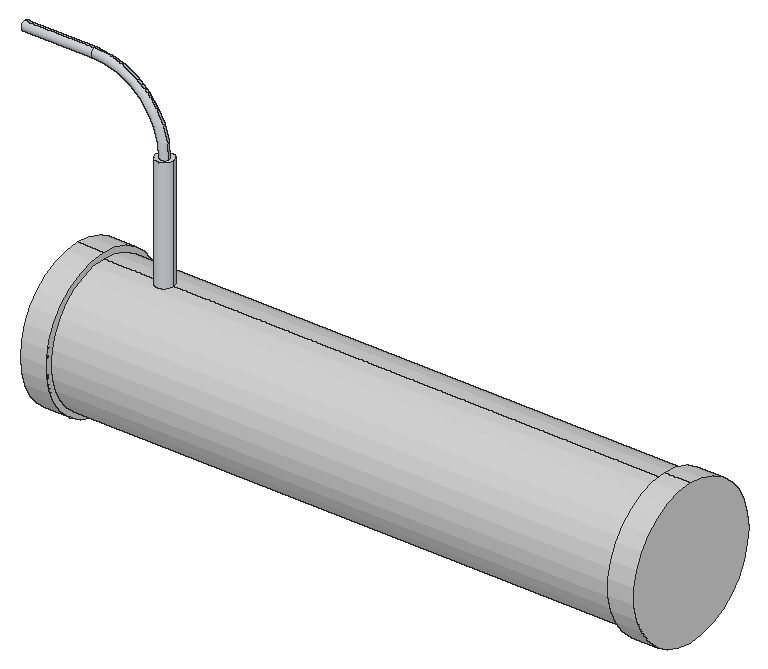
Revit family "Lagur STD", category Plumbing Fixtures, Revit 2020
Family settings
  Round Connector Dimension = Use Diameter
  Part Type = Normal
  OmniClass Number = 23.65.50.11.11.14
  OmniClass Title = Water Softeners
  Work Plane-Based = No
  Always vertical = No
  Cut with Voids When Loaded = No
  Shared = No
  Room Calculation Point = No
Parameters (values of type "DN20")
  x = (Y / 2) - 1 mm  # 37 mm
  Y = 76 mm
  X = 352 mm
  Weight = 4.07 kg
  Watt = 25 W  # constant formula
  Waste Connection = no
  Version = "1.0"
  Vent Connection = no
  Uniclass2015Version = ""
  Uniclass2015Title = ""
  Uniclass2015Description = "Water distribution and supply system"  # constant formula
  Uniclass2015Code = "Ss_55_70"  # constant formula
  URL = "https://lagur.dk/"
  UNSPSCCode = ""
  Thread = "3/4\" RG."
  Thread dimension in mm = 19.1 mm
  Revision = ""
  ProductInformation = ""
  NominalHeight = ""
  NominalDepth = ""
  Model = "Lagur Pro DN20"
  Manufacturer = "Lagur A/S"  # constant formula
  IfcExportType = ""
  IfcExportAs = ""
  IfcClassification = ""
  IP Rating = "IP54"  # constant formula
  HW Connection = no
  Default Elevation = 0 mm
  CobieTypeCategory = ""
  AuthorURL = "www.prodlib.com"
  Author = "ProdLib"  # constant formula
Types (3, lengths in mm): name | Weight | Thread | Thread dimension in mm | Model
  (no name) | 4.07 kg | "3/4\" RG." | 19.1 | "Lagur Pro DN20"
  DN20 | 4.07 kg | "3/4\" RG." | 19.1 | "Lagur Pro DN20"
  DN25 | 4.85 kg | "1\" RG." | 25.4 | "Lagur Pro DN25"
Reference planes
  plane 1 "Center (Front/Back)": y = 0
  plane 2: z = 0
  plane 3 "Center (Left/Right)": x = 0
  plane 4: x = -176
  plane 5: x = 176
  plane 6: z = 38
  plane 7: z = -38
  plane 8: x = -161
  plane 9: x = 161
  plane 10: x = -126
  plane 11: z = 37
Forms (mm)
  Extrusion 1, solid, material "Steel", detail levels medium+fine
    sketch origin (0, 0, 0) x (0, 1, 0) y (0, 0, 1)
      loop
        circle (0, 0) r 38
    from -161 to 161
  Extrusion 2, solid, material "Steel", detail levels medium+fine
    sketch origin (0, 0, 0) x (0, 1, 0) y (0, 0, 1)
      loop
        circle (0, 0) r 41
    from -176 to -161
  Extrusion 3, solid, material "Steel", detail levels medium+fine
    sketch origin (0, 0, 0) x (0, 1, 0) y (0, 0, 1)
      loop
        circle (0, 0) r 41
    from 161 to 176
  Extrusion 4, solid, material "Steel", detail levels coarse
    sketch origin (0, 0, 0) x (0, 1, 0) y (0, 0, 1)
      loop
        circle (0, 0) r 38
    from -176 to 176
Cuts and joins
  joined: Extrusion 1, Extrusion 2, Extrusion 3
Dimensions and locks
  equal spacing: plane 4, plane 3 "Center (Left/Right)", plane 5
  "X": plane 4 to plane 5
  equal spacing: plane 6, level, plane 7
  "Y": plane 6 to plane 7
  locked: Extrusion 2 sketch curve to Extrusion 1 at 3  (x2)
  locked: plane 4 to plane 8 at 15
  locked: plane 9 to plane 5 at 15
  locked: plane 4 to plane 10 at 50
  "x": plane 11 to level
  aligned and locked: level to plane 2
  aligned and locked: plane 1 "Center (Front/Back)" to Extrusion 1 sketch curve  (x2)
  aligned and locked: plane 6 to Extrusion 1 sketch curve
  aligned and locked: plane 7 to Extrusion 1 sketch curve
  aligned and locked: Extrusion 2 to plane 4
  aligned and locked: Extrusion 2 to plane 8
  aligned and locked: Extrusion 1 to Extrusion 2
  aligned and locked: Extrusion 1 to plane 9
  aligned and locked: Extrusion 3 sketch curve to Extrusion 2  (x2)
  aligned and locked: Extrusion 3 to plane 5
  aligned and locked: plane 1 "Center (Front/Back)" to nested 1
  aligned and locked: nested 1 to plane 11
  aligned and locked: Extrusion 4 sketch curve to cut or joined group of Extrusion 1, Extrusion 2, Extrusion 3
  aligned and locked: Extrusion 4 to plane 5
  aligned and locked: Extrusion 4 to plane 4
  aligned and locked: Extrusion 3 to Extrusion 1
Automatic sketch dimensions
  Extrusion 2 sketch curve to plane 1 "Center (Front/Back)" = 0 mm
  Extrusion 4 sketch curve to plane 1 "Center (Front/Back)" = 0 mm  (x2)
  Extrusion 1 sketch curve to plane 1 "Center (Front/Back)" = 0 mm
Nested families
  nested 1: "Outer connector" at (-126, 0, 37), type "Outer connector", detail levels medium+fine
Connectors
  piping at (176, 0, 0), diameter 19.1, driven by "Thread dimension in mm"
    settings: on cut or joined group of Extrusion 1, Extrusion 2, Extrusion 3, index 1, connector inside diameter 24", connector length 0 mm, flow factor 0, pipe flow 0.0 L/s, pressure drop 0.0 Pa, fitting loss kfactor 0, connector angle 0.00°, fixture units 0, engagement length 0 mm, angle of deflection 0.00°, flow configuration 0, flow direction 2, fitting loss method 0, system type 20, joint type 0, gender type 0, connector reference index -1, connector utility 0, adjustable connector no, is connector primary yes, connector description ""
  piping at (-176, 0, 0), diameter 19.1, driven by "Thread dimension in mm"
    settings: on cut or joined group of Extrusion 1, Extrusion 2, Extrusion 3, index 2, connector inside diameter 24", connector length 0 mm, flow factor 0, pipe flow 0.0 L/s, pressure drop 0.0 Pa, fitting loss kfactor 0, connector angle 0.00°, fixture units 0, engagement length 0 mm, angle of deflection 0.00°, flow configuration 0, flow direction 1, fitting loss method 0, system type 20, joint type 0, gender type 0, connector reference index -1, connector utility 0, adjustable connector no, is connector primary no, connector description ""
  electrical at (-206, 0, 142)
    settings: on nested 1, index 3, voltage 230 V, apparent load 0 VA, apparent load phase1 0 VA, apparent load phase2 0 VA, apparent load phase3 0 VA, power factor 1, load classification "Other", number of poles 1, system type 13, power factor state 1, is connector primary yes, connector utility no, sub classification motor no, connector description "r controller cable"
Definition of nested family "Outer connector"
  Parameters (values of type "Outer connector")
    h1 = 65 mm
    Default Elevation = 0 mm
  Reference planes
    plane 1 "Center (Front/Back)": y = 0
    plane 2: z = 0
    plane 3 "Center (Left/Right)": x = 0
    plane 4: z = 65
    plane 5: z = 105
    plane 6: x = -80
    plane 7: x = -40
    plane 8: z = 20.5
  Forms (mm)
    Extrusion 1, solid
      sketch origin (0, 0, 0) x (1, 0, 0) y (0, 1, 0)
        loop
          circle (0, 0) r 5
      from 0 to 65
    Sweep 2, solid
      path origin (0, 0, 0) x (1, 0, 0) y (0, 0, 1)
        loop
          arc (0, 65) -> (-11.716, 93.284) -> (-40, 105) r 40
          line (-40, 105) -> (-80, 105)
      profile origin (-11.716, 0, 93.284) x (-0.707107, 0, -0.707107) y (0, -1, 0)
        loop
          circle (0, 0) r 2.5
  Dimensions and locks
    "h1": plane 4 to level
    locked: plane 5 to level at 105
    locked: plane 3 "Center (Left/Right)" to plane 6 at 80
    plane 7 to plane 6 = 40 mm
    aligned and locked: level to plane 2
    aligned and locked: plane 4 to Extrusion 1
    aligned and locked: Extrusion 1 to level
  Automatic sketch dimensions
    plane 1 "Center (Front/Back)" to Extrusion 1 sketch curve = 0 mm
    Extrusion 1 sketch curve to plane 3 "Center (Left/Right)" = 0 mm
    Sweep 2 sketch curve to plane 6 = 0 mm
    Sweep 2 sketch curve to plane 5 = 0 mm
    plane 7 to Sweep 2 sketch curve = 0 mm
    Sweep 2 sketch curve to plane 3 "Center (Left/Right)" = 0 mm
    plane 1 "Center (Front/Back)" to Sweep 2 sketch curve = 0 mm
    Sweep 2 sketch curve to profile plane = 0 mm
    radius of Extrusion 1 sketch curve = 5 mm
    radius of Sweep 2 sketch curve = 2.5 mm
